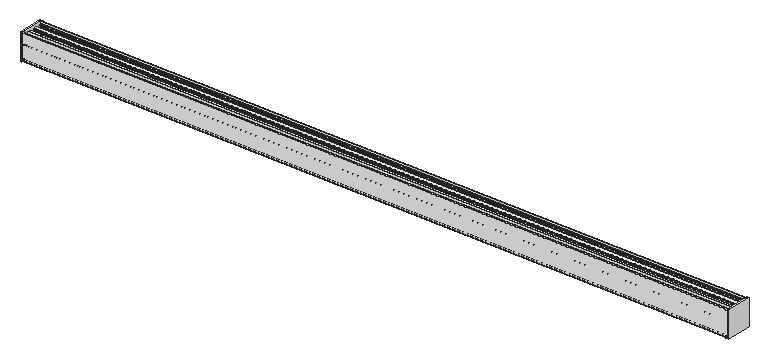
Revit family "STH20971BR_27_STH20971PTO_27", category Luminárias, Revit 2023
Family settings
  Hospedeiro = Forro
  Cota do conector redondo = Utilizar diâmetro
  Tipo de parte = Normal
  Número OmniClass = 23.80.70.11
  Título OmniClass = Luminaries for Internal Lighting
  Sempre na vertical = Sim
  Corte com vazios quando carregada = Não
  Fonte luminosa = Sim
  Manter orientação da anotação = Não
  Compartilhado = Não
  Ponto de cálculo do ambiente = Não
Parameters (values of type "STH20971BR/27 - BRANCO - 1m - 2700K - 960lm - 110°")
  Ângulo de inclinação = 90.00°
  Ângulo de Abertura = "110°"
  Wattage = 6.46282 W
  URL = "https://stella.com.br/"
  Troca de temperatura da cor de lâmpada com esmaecimento = <Nenhum>
  Tensão Elétrica = "24V"
  built-in parameter 1150107 = 2700 (stored number, unit not read)
  Temperatura da cor (K) = 2700 K
  Referência = "STH20971BR/27 - BRANCO - 1m"
  Potência = 28 W
  built-in parameter 1150110 = 1 (stored number, unit not read)
  built-in parameter 1150109 = 1 (stored number, unit not read)
  built-in parameter 1114218 = 1 (stored number, unit not read)
  built-in parameter 1150112 = 1 (stored number, unit not read)
  built-in parameter 1150113 = 1 (stored number, unit not read)
  built-in parameter 1150132 = 2
  built-in parameter 1150137 = (empty or 0)
  Modelo = "Archi"
  Luminoso = Luminoso - 2700K
  built-in parameter 1150106 = 0.76394 (stored number, unit not read)
  Largura = 0.035 m
  built-in parameter 1150102 = (empty or 0)
  built-in parameter 1150105 = 76.394 (stored number, unit not read)
  IRC (Índice de reprodução de cores) = ">93 (R9 >60)"
  Grau de proteção (IP) = "IP20"
  Fluxo Luminoso = 960 lm
  Color Filter = 16777215
  built-in parameter 1114217 = 1 (stored number, unit not read)
  built-in parameter 1150139 = (empty or 0)
  Fabricante = "Stella"
  Estrutura = Al - Branco
  Default Elevation = 0.00 m
  built-in parameter 1150104 = 13.8 (stored number, unit not read)
  Dimerização = "Não dimerizável"
  built-in parameter 1150115 = 1 (stored number, unit not read)
  built-in parameter 1150114 = 1 (stored number, unit not read)
  Lumens = 960 lm
  built-in parameter 1150138 = (empty or 0)
  built-in parameter 1150134 = (empty or 0)
  Comprimento = 1.008 m
  Arquivo de rede fotométrica = "STELLA - STH20971BR-27 - ARCHI - PERFIL DE SOBREPOR PLANO 24V.ies"
  Altura = 0.037 m
  built-in parameter 1150133 = 10 (stored number, unit not read)
Types (3, lengths in m): name | Wattage | Referência | built-in parameter 1150106 | built-in parameter 1150105 | Fluxo Luminoso | Estrutura | Lumens
  (no name) | 6.46282 W | "STH20971BR/27 - BRANCO - 1m" | 0.76394 (stored number, unit not read) | 76.394 (stored number, unit not read) | 960 lm | Al - Branco | 960 lm
  STH20971BR/27 - BRANCO - 1m - 2700K - 960lm - 110° | 6.46282 W | "STH20971BR/27 - BRANCO - 1m" | 0.76394 (stored number, unit not read) | 76.394 (stored number, unit not read) | 960 lm | Al - Branco | 960 lm
  STH20971PTO/27 - PRETO - 1m - 2700K - 650lm - 110° | 4.37587 W | "STH20971PTO/27 - PRETO - 1m" | 0.51725 (stored number, unit not read) | 51.725 (stored number, unit not read) | 650 lm | Al - Preto | 650 lm
Reference planes (m)
  plane 1 "Eixo de origem da luz (F/T)": y = 0
  plane 2 "Forro": z = 2.4384
  plane 3 "Eixo de origem da luz (E/D)": x = 0
  plane 4 "Elevação da origem da luz": z = 2.39798
  plane 5: y = 0.0175
  plane 6: y = -0.0175
  plane 7: x = -0.504
  plane 8: x = 0.504
  plane 9 "Inferior": z = 2.4014
  plane 10 "Superior": z = 2.4384
  plane 11 "Conector": z = 2.429644
Forms (m)
  Extrusion 1, solid, material "Al - Branco" <- "Estrutura"
    sketch origin (0, 0.1, -0.036) x (0, 1, 0) y (0, 0, 1)
      loop
        line (-0.1175, 2.4744) -> (-0.1175, 2.4374) -> (-0.0825, 2.4374) -> (-0.0825, 2.4744) -> (-0.1175, 2.4744)
    from 0.5025 to 0.504
  Extrusion 2, solid, material "Al - Branco" <- "Estrutura"
    sketch origin (0, 0.1, -0.024) x (0, 1, 0) y (0, 0, -1)
      loop
        line (-0.1175, -2.4624) -> (-0.0825, -2.4624) -> (-0.0825, -2.4254) -> (-0.1175, -2.4254) -> (-0.1175, -2.4624)
    from 0.5025 to 0.504
  Extrusion 3, solid, material "Luminoso - 2700K" <- "Luminoso"
    sketch origin (0, 0.014999, 0.000101) x (0, 1, 0) y (0, 0, 1)
      loop
        line (-0.031197, 2.401299) -> (0.0012, 2.401299) -> (0.0012, 2.403415)
        arc (0.0012, 2.403415) -> (0.001376, 2.403794) -> (0.001696, 2.404063) r 0.000967
        line (0.001696, 2.404063) -> (0.001696, 2.404954) -> (0.000865, 2.406185)
        arc (0.000865, 2.406185) -> (0.000253, 2.40613) -> (-0.000108, 2.405632) r 0.000743
        line (-0.000108, 2.405632) -> (-0.000155, 2.402699) -> (-0.029843, 2.402699) -> (-0.02989, 2.405632)
        arc (-0.02989, 2.405632) -> (-0.030251, 2.40613) -> (-0.030863, 2.406185) r 0.000743
        line (-0.030863, 2.406185) -> (-0.031694, 2.404954) -> (-0.031694, 2.404063)
        arc (-0.031694, 2.404063) -> (-0.031374, 2.403794) -> (-0.031197, 2.403415) r 0.000967
        line (-0.031197, 2.403415) -> (-0.031197, 2.401299)
    from -0.5025 to 0.5025
  Extrusion 4, solid, material "Al - Branco" <- "Estrutura"
    sketch origin (0, 0.038914, 0.020842) x (0, 1, 0) y (0, 0, 1)
      loop
        line (-0.054113, 2.408802) -> (-0.023716, 2.408802) -> (-0.023716, 2.408002) -> (-0.022616, 2.408002) -> (-0.022616, 2.405956) -> (-0.023416, 2.405956)
        spline (-0.023416, 2.405956) -> (-0.023646, 2.405829) -> (-0.023693, 2.405688) -> (-0.023711, 2.405578) -> (-0.023718, 2.405466) -> (-0.023721, 2.405332) -> (-0.023721, 2.405177) -> (-0.023718, 2.405005) -> (-0.023707, 2.404829) -> (-0.02368, 2.404671) -> (-0.023624, 2.404552) -> (-0.023491, 2.40448) -> (-0.023216, 2.404456)
        line (-0.023216, 2.404456) -> (-0.023216, 2.40146)
        arc (-0.023216, 2.40146) -> (-0.024745, 2.40173) -> (-0.026129, 2.401026) r 0.00245
        arc (-0.026129, 2.401026) -> (-0.026019, 2.400371) -> (-0.025354, 2.400384) r 0.000509
        arc (-0.025354, 2.400384) -> (-0.024236, 2.400749) -> (-0.023216, 2.400165) r 0.00145
        line (-0.023216, 2.400165) -> (-0.023216, 2.398448)
        arc (-0.023216, 2.398448) -> (-0.024236, 2.397864) -> (-0.025354, 2.398229) r 0.00145
        arc (-0.025354, 2.398229) -> (-0.026019, 2.398242) -> (-0.026129, 2.397587) r 0.000509
        arc (-0.026129, 2.397587) -> (-0.024745, 2.396883) -> (-0.023216, 2.397153) r 0.00245
        line (-0.023216, 2.397153) -> (-0.023216, 2.386094)
        arc (-0.023216, 2.386094) -> (-0.023155, 2.385696) -> (-0.022977, 2.385336) r 0.00132
        line (-0.022977, 2.385336) -> (-0.022216, 2.384208) -> (-0.022216, 2.383316)
        arc (-0.022216, 2.383316) -> (-0.022541, 2.383041) -> (-0.022716, 2.382653) r 0.000967
        line (-0.022716, 2.382653) -> (-0.022716, 2.380858)
        spline (-0.022716, 2.380858) -> (-0.022694, 2.380781) -> (-0.022629, 2.380708) -> (-0.022525, 2.380646) -> (-0.022391, 2.380598) -> (-0.022234, 2.380568) -> (-0.022065, 2.380558) -> (-0.021897, 2.380568) -> (-0.02174, 2.380598) -> (-0.021605, 2.380646) -> (-0.021502, 2.380708) -> (-0.021437, 2.380781) -> (-0.021414, 2.380858)
        line (-0.021414, 2.380858) -> (-0.021414, 2.417201)
        spline (-0.021414, 2.417201) -> (-0.021445, 2.417294) -> (-0.021535, 2.41738) -> (-0.021678, 2.417454) -> (-0.021865, 2.41751) -> (-0.022082, 2.417546) -> (-0.022315, 2.417558) -> (-0.022548, 2.417546) -> (-0.022765, 2.41751) -> (-0.022952, 2.417454) -> (-0.023095, 2.41738) -> (-0.023185, 2.417294) -> (-0.023216, 2.417201)
        line (-0.023216, 2.417201) -> (-0.023216, 2.414602) -> (-0.024016, 2.414602) -> (-0.024857, 2.41376)
        arc (-0.024857, 2.41376) -> (-0.024694, 2.413365) -> (-0.024299, 2.413202) r 0.000559
        line (-0.024299, 2.413202) -> (-0.023216, 2.413202) -> (-0.023216, 2.410502) -> (-0.031915, 2.410502) -> (-0.031915, 2.414602) -> (-0.035915, 2.414602) -> (-0.035915, 2.413202) -> (-0.033715, 2.413202) -> (-0.033715, 2.410502) -> (-0.044114, 2.410502) -> (-0.044114, 2.413202) -> (-0.041914, 2.413202) -> (-0.041914, 2.414602) -> (-0.045914, 2.414602) -> (-0.045914, 2.410502) -> (-0.054613, 2.410502) -> (-0.054613, 2.413202) -> (-0.05353, 2.413202)
        arc (-0.05353, 2.413202) -> (-0.053135, 2.413365) -> (-0.052972, 2.41376) r 0.000559
        line (-0.052972, 2.41376) -> (-0.053813, 2.414602) -> (-0.054613, 2.414602) -> (-0.054613, 2.417201)
        spline (-0.054613, 2.417201) -> (-0.054644, 2.417294) -> (-0.054734, 2.41738) -> (-0.054877, 2.417454) -> (-0.055063, 2.41751) -> (-0.055281, 2.417546) -> (-0.055514, 2.417558) -> (-0.055747, 2.417546) -> (-0.055964, 2.41751) -> (-0.056151, 2.417454) -> (-0.056294, 2.41738) -> (-0.056384, 2.417294) -> (-0.056414, 2.417201)
        line (-0.056414, 2.417201) -> (-0.056414, 2.380858)
        spline (-0.056414, 2.380858) -> (-0.056392, 2.380781) -> (-0.056327, 2.380708) -> (-0.056224, 2.380646) -> (-0.056089, 2.380598) -> (-0.055932, 2.380568) -> (-0.055764, 2.380558) -> (-0.055595, 2.380568) -> (-0.055438, 2.380598) -> (-0.055303, 2.380646) -> (-0.0552, 2.380708) -> (-0.055135, 2.380781) -> (-0.055113, 2.380858)
        line (-0.055113, 2.380858) -> (-0.055113, 2.382653)
        arc (-0.055113, 2.382653) -> (-0.055288, 2.383041) -> (-0.055613, 2.383316) r 0.000967
        line (-0.055613, 2.383316) -> (-0.055613, 2.384208) -> (-0.054852, 2.385336)
        arc (-0.054852, 2.385336) -> (-0.054674, 2.385696) -> (-0.054613, 2.386094) r 0.00132
        line (-0.054613, 2.386094) -> (-0.054613, 2.397153)
        arc (-0.054613, 2.397153) -> (-0.053084, 2.396883) -> (-0.0517, 2.397587) r 0.00245
        arc (-0.0517, 2.397587) -> (-0.05181, 2.398242) -> (-0.052475, 2.398229) r 0.000509
        arc (-0.052475, 2.398229) -> (-0.053592, 2.397864) -> (-0.054613, 2.398448) r 0.00145
        line (-0.054613, 2.398448) -> (-0.054613, 2.400165)
        arc (-0.054613, 2.400165) -> (-0.053592, 2.400749) -> (-0.052475, 2.400384) r 0.00145
        arc (-0.052475, 2.400384) -> (-0.05181, 2.400371) -> (-0.0517, 2.401026) r 0.000509
        arc (-0.0517, 2.401026) -> (-0.053084, 2.40173) -> (-0.054613, 2.40146) r 0.00245
        line (-0.054613, 2.40146) -> (-0.054613, 2.404456)
        spline (-0.054613, 2.404456) -> (-0.054337, 2.40448) -> (-0.054205, 2.404552) -> (-0.054148, 2.404671) -> (-0.054122, 2.404829) -> (-0.054111, 2.405005) -> (-0.054108, 2.405177) -> (-0.054108, 2.405332) -> (-0.05411, 2.405466) -> (-0.054118, 2.405578) -> (-0.054136, 2.405688) -> (-0.054183, 2.405829) -> (-0.054413, 2.405956)
        line (-0.054413, 2.405956) -> (-0.055213, 2.405956) -> (-0.055213, 2.408002) -> (-0.054113, 2.408002) -> (-0.054113, 2.408802)
    from -0.5025 to 0.5025
Cuts and joins
  joined: Extrusion 1, Extrusion 2
Dimensions and locks (m)
  equal spacing: host sketch curve, plane 3 "Eixo de origem da luz (E/D)", host sketch curve
  equal spacing: host sketch curve, plane 1 "Eixo de origem da luz (F/T)", host sketch curve
  host sketch curve to host sketch curve = 1.018 m
  host sketch curve to host sketch curve = 0.044968 m
  "Altura": plane 10 "Superior" to plane 9 "Inferior"
  "Comprimento": plane 7 to plane 8
  "Largura": plane 5 to plane 6
  aligned and locked: plane 8 to cut or joined group of Extrusion 1, Extrusion 2
  aligned and locked: Extrusion 3 to cut or joined group of Extrusion 1, Extrusion 2  (x2)
  aligned and locked: Extrusion 4 to cut or joined group of Extrusion 1, Extrusion 2  (x2)
  aligned and locked: cut or joined group of Extrusion 1, Extrusion 2 to plane 7
  aligned and locked: host ceiling to Extrusion 1
  aligned and locked: host ceiling to Extrusion 2
  aligned and locked: plane 5 to Extrusion 2
Automatic sketch dimensions
  Extrusion 4 sketch curve to Extrusion 4 sketch curve = 0.00 m  (x21)
  Extrusion 4 sketch curve to plane 6 = 0.00 m
  Extrusion 4 sketch curve to plane 5 = 0.00 m
  plane 6 to Extrusion 4 sketch curve = 0.000354 m
  plane 6 to Extrusion 4 sketch curve = 0.000481 m
  plane 6 to Extrusion 4 sketch curve = 0.000802 m
  plane 6 to Extrusion 4 sketch curve = 0.001202 m
  Extrusion 4 sketch curve to Extrusion 4 sketch curve = 0.0005 m  (x2)
  Extrusion 4 sketch curve to Extrusion 4 sketch curve = 0.001081 m
  plane 6 to Extrusion 4 sketch curve = 0.001801 m
  Extrusion 4 sketch curve to Extrusion 4 sketch curve = 0.0006 m
  Extrusion 4 sketch curve to Extrusion 4 sketch curve = 0.0008 m  (x5)
  Extrusion 4 sketch curve to Extrusion 4 sketch curve = 0.0011 m
  Extrusion 4 sketch curve to Extrusion 4 sketch curve = 0.000283 m  (x2)
  Extrusion 4 sketch curve to Extrusion 4 sketch curve = 0.001169 m
  Extrusion 4 sketch curve to Extrusion 4 sketch curve = 0.000559 m  (x2)
  Extrusion 4 sketch curve to Extrusion 4 sketch curve = 0.00131 m  (x3)
  plane 1 "Eixo de origem da luz (F/T)" to Extrusion 4 sketch curve = 0.006999 m
  Extrusion 4 sketch curve to Extrusion 4 sketch curve = 0.0018 m  (x2)
  Extrusion 4 sketch curve to Extrusion 4 sketch curve = 0.0022 m  (x2)
  Extrusion 4 sketch curve to plane 1 "Eixo de origem da luz (F/T)" = 0.003 m
  Extrusion 4 sketch curve to plane 5 = 0.00428 m
  Extrusion 4 sketch curve to plane 5 = 0.003443 m
  Extrusion 4 sketch curve to plane 5 = 0.002301 m
  Extrusion 4 sketch curve to plane 5 = 0.002001 m
  Extrusion 4 sketch curve to Extrusion 4 sketch curve = 0.0002 m
  Extrusion 4 sketch curve to plane 5 = 0.001801 m
  Extrusion 4 sketch curve to Extrusion 4 sketch curve = 0.000239 m
  plane 9 "Inferior" to Extrusion 4 sketch curve = 0.0003 m  (x2)
  Extrusion 4 sketch curve to Extrusion 4 sketch curve = 0.001302 m
  Extrusion 4 sketch curve to plane 5 = 0.000802 m
  Extrusion 4 sketch curve to plane 5 = 0.000481 m
  Extrusion 4 sketch curve to plane 5 = 0.000354 m
  Extrusion 4 sketch curve to Extrusion 4 sketch curve = 0.001601 m  (x2)
  Extrusion 4 sketch curve to Extrusion 4 sketch curve = 0.000194 m  (x2)
  Extrusion 4 sketch curve to Extrusion 4 sketch curve = 0.000892 m  (x2)
  Extrusion 4 sketch curve to Extrusion 4 sketch curve = 0.001128 m  (x2)
  Extrusion 4 sketch curve to Extrusion 4 sketch curve = 0.01106 m  (x2)
  Extrusion 4 sketch curve to Extrusion 4 sketch curve = 0.000697 m  (x2)
  Extrusion 4 sketch curve to Extrusion 4 sketch curve = 0.001295 m  (x4)
  Extrusion 4 sketch curve to Extrusion 4 sketch curve = 0.000858 m  (x4)
  Extrusion 4 sketch curve to Extrusion 4 sketch curve = 0.001456 m  (x2)
  Extrusion 4 sketch curve to Extrusion 4 sketch curve = 0.002996 m  (x2)
  Extrusion 4 sketch curve to Extrusion 4 sketch curve = 0.0015 m  (x2)
  Extrusion 4 sketch curve to Extrusion 4 sketch curve = 0.002046 m  (x2)
  Extrusion 4 sketch curve to Extrusion 4 sketch curve = 0.0017 m
  Extrusion 4 sketch curve to Extrusion 4 sketch curve = 0.0027 m  (x4)
  Extrusion 4 sketch curve to Extrusion 4 sketch curve = 0.0014 m  (x2)
  Extrusion 4 sketch curve to Extrusion 4 sketch curve = 0.000841 m  (x2)
  Extrusion 4 sketch curve to plane 2 "Forro" = 0.000357 m  (x2)
  Extrusion 4 sketch curve to Extrusion 4 sketch curve = 0.000435 m  (x2)
  Extrusion 3 sketch curve to plane 9 "Inferior" = 0.00 m
  plane 6 to Extrusion 3 sketch curve = 0.000357 m
  plane 6 to Extrusion 3 sketch curve = 0.000805 m
  Extrusion 3 sketch curve to Extrusion 3 sketch curve = 0.000497 m
  Extrusion 3 sketch curve to Extrusion 3 sketch curve = 0.000831 m
  Extrusion 3 sketch curve to Extrusion 3 sketch curve = 0.000245 m  (x2)
  Extrusion 3 sketch curve to Extrusion 3 sketch curve = 0.000728 m  (x2)
  Extrusion 3 sketch curve to Extrusion 3 sketch curve = 0.001354 m
  Extrusion 3 sketch curve to plane 5 = 0.002656 m
  Extrusion 3 sketch curve to plane 5 = 0.002609 m
  Extrusion 3 sketch curve to plane 5 = 0.001302 m
  Extrusion 3 sketch curve to plane 5 = 0.000805 m
  Extrusion 3 sketch curve to plane 5 = 0.000357 m
  plane 9 "Inferior" to Extrusion 3 sketch curve = 0.0014 m
  plane 9 "Inferior" to Extrusion 3 sketch curve = 0.001906 m  (x2)
  Extrusion 3 sketch curve to Extrusion 3 sketch curve = 0.00021 m  (x2)
  Extrusion 3 sketch curve to Extrusion 3 sketch curve = 0.000892 m  (x2)
  Extrusion 3 sketch curve to Extrusion 3 sketch curve = 0.00053 m  (x2)
  Extrusion 3 sketch curve to Extrusion 3 sketch curve = 0.000148 m  (x2)
  Extrusion 2 sketch curve to plane 9 "Inferior" = 0.00 m
  plane 6 to Extrusion 2 sketch curve = 0.00 m
  plane 5 to Extrusion 2 sketch curve = 0.00 m
  plane 2 "Forro" to Extrusion 2 sketch curve = 0.00 m
  Extrusion 1 sketch curve to plane 6 = 0.00 m
  Extrusion 1 sketch curve to plane 5 = 0.00 m
  Extrusion 1 sketch curve to plane 9 "Inferior" = 0.00 m
  plane 2 "Forro" to Extrusion 1 sketch curve = 0.00 m
Connectors (m)
  electrical at (0, 0, 2.429644)
    settings: index 1, voltage 0 V, apparent load 0 VA, apparent load phase1 0 VA, apparent load phase2 0 VA, apparent load phase3 0 VA, power factor 1, load classification "Outro", number of poles 1, system type 31, power factor state 1, is connector primary yes, connector utility no, sub classification motor no, connector description ""
